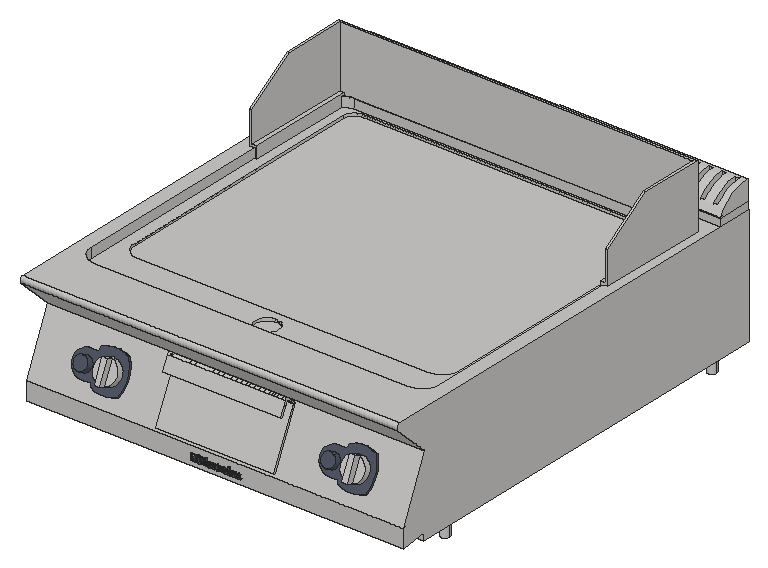
Revit family "QF_ELECTROLUXPROFESSIONAL_391403_E9IIMAAOMEA", category Specialty Equipment, Revit 2018 (continued)
Automatic sketch dimensions
  Extrusion 35 sketch curve to Extrusion 35 sketch curve = 9.296 mm
  Extrusion 35 sketch curve to plane 11 = 19.089 mm
  plane 1 "BACK" to Extrusion 36 sketch curve = 6.761 mm
  Extrusion 36 sketch curve to plane 4 "RIGHT" = 134.677 mm
  Extrusion 36 sketch curve to Extrusion 36 sketch curve = 9.296 mm
  Extrusion 36 sketch curve to plane 11 = 19.089 mm
  plane 1 "BACK" to Extrusion 37 sketch curve = 6.761 mm
  Extrusion 37 sketch curve to plane 4 "RIGHT" = 162.665 mm
  Extrusion 37 sketch curve to Extrusion 37 sketch curve = 9.296 mm
  Extrusion 37 sketch curve to plane 11 = 19.089 mm
  plane 1 "BACK" to Extrusion 38 sketch curve = 6.761 mm
  Extrusion 38 sketch curve to plane 4 "RIGHT" = 190.654 mm
  Extrusion 38 sketch curve to Extrusion 38 sketch curve = 9.296 mm
  Extrusion 38 sketch curve to plane 11 = 19.089 mm
  plane 1 "BACK" to Extrusion 39 sketch curve = 6.761 mm
  plane 7 "Center Y" to Extrusion 39 sketch curve = 69.43 mm
  Extrusion 39 sketch curve to Extrusion 39 sketch curve = 9.296 mm
  Extrusion 39 sketch curve to plane 11 = 19.089 mm
  plane 1 "BACK" to Extrusion 40 sketch curve = 6.761 mm
  plane 7 "Center Y" to Extrusion 40 sketch curve = 41.441 mm
  Extrusion 40 sketch curve to Extrusion 40 sketch curve = 9.296 mm
  Extrusion 40 sketch curve to plane 11 = 19.089 mm
  plane 1 "BACK" to Extrusion 41 sketch curve = 6.761 mm
  plane 7 "Center Y" to Extrusion 41 sketch curve = 149.263 mm
  Extrusion 41 sketch curve to Extrusion 41 sketch curve = 9.296 mm
  Extrusion 41 sketch curve to plane 11 = 19.089 mm
  plane 1 "BACK" to Extrusion 42 sketch curve = 6.761 mm
  plane 7 "Center Y" to Extrusion 42 sketch curve = 121.275 mm
  Extrusion 42 sketch curve to Extrusion 42 sketch curve = 9.296 mm
  Extrusion 42 sketch curve to plane 11 = 19.089 mm
  plane 1 "BACK" to Extrusion 43 sketch curve = 6.761 mm
  plane 7 "Center Y" to Extrusion 43 sketch curve = 93.311 mm
  Extrusion 43 sketch curve to Extrusion 43 sketch curve = 9.296 mm
  Extrusion 43 sketch curve to plane 11 = 19.089 mm
  plane 1 "BACK" to Extrusion 44 sketch curve = 6.761 mm
  plane 7 "Center Y" to Extrusion 44 sketch curve = 177.251 mm
  Extrusion 44 sketch curve to Extrusion 44 sketch curve = 9.296 mm
  Extrusion 44 sketch curve to plane 11 = 19.089 mm
  Split face 1 sketch curve to Split face 1 sketch curve = 11.575 mm
  Split face 1 sketch curve to Split face 1 sketch curve = 2 mm
  Extrusion 6 sketch curve to Extrusion 6 sketch curve = 0 mm  (x2)
  Extrusion 6 sketch curve to plane 5 "FRONT" = 16.526 mm
  Extrusion 6 sketch curve to Extrusion 6 sketch curve = 2.36 mm
  Extrusion 6 sketch curve to plane 5 "FRONT" = 33.929 mm
  Extrusion 6 sketch curve to Extrusion 6 sketch curve = 2.884 mm  (x2)
  Extrusion 6 sketch curve to Extrusion 6 sketch curve = 12.662 mm
  Extrusion 6 sketch curve to Extrusion 6 sketch curve = 1.711 mm
  Extrusion 6 sketch curve to Extrusion 6 sketch curve = 1.332 mm
  Extrusion 6 sketch curve to Extrusion 6 sketch curve = 2.245 mm
  Extrusion 6 sketch curve to Extrusion 6 sketch curve = 14.843 mm
  Extrusion 6 sketch curve to Extrusion 6 sketch curve = 3.49 mm
  plane 9 "BASE" to Extrusion 6 sketch curve = 52.346 mm
  Extrusion 6 sketch curve to Extrusion 6 sketch curve = 1.086 mm
  Extrusion 6 sketch curve to Extrusion 6 sketch curve = 13.211 mm
  Extrusion 6 sketch curve to Extrusion 6 sketch curve = 1.327 mm
  Extrusion 6 sketch curve to Extrusion 6 sketch curve = 0.787 mm
  Extrusion 5 sketch curve to Extrusion 2 = 5.523 mm
  Extrusion 5 sketch curve to Extrusion 2 = 10.564 mm
  Extrusion 5 sketch curve to Extrusion 2 = 10.583 mm
  Extrusion 5 sketch curve to Extrusion 5 sketch curve = 0 mm  (x28)
  Extrusion 5 sketch curve to Extrusion 5 sketch curve = 5.108 mm  (x2)
  Extrusion 5 sketch curve to Extrusion 2 = 10.685 mm
  Extrusion 5 sketch curve to Extrusion 5 sketch curve = 0.218 mm
  Extrusion 5 sketch curve to Extrusion 5 sketch curve = 0.195 mm
  Extrusion 5 sketch curve to Extrusion 5 sketch curve = 0.249 mm
  Extrusion 5 sketch curve to Extrusion 2 = 10.88 mm
  Extrusion 5 sketch curve to Extrusion 5 sketch curve = 0.087 mm
  Extrusion 5 sketch curve to Extrusion 5 sketch curve = 0.358 mm
  Extrusion 5 sketch curve to Extrusion 5 sketch curve = 0.481 mm
  Extrusion 5 sketch curve to Extrusion 5 sketch curve = 0.597 mm
  Extrusion 5 sketch curve to Extrusion 5 sketch curve = 0.544 mm
  Extrusion 5 sketch curve to Extrusion 5 sketch curve = 0.936 mm
  Extrusion 5 sketch curve to Extrusion 5 sketch curve = 0.594 mm
  Extrusion 5 sketch curve to Extrusion 5 sketch curve = 0.343 mm
  Extrusion 5 sketch curve to Extrusion 5 sketch curve = 0.159 mm
  Extrusion 5 sketch curve to Extrusion 5 sketch curve = 0.826 mm
  Extrusion 5 sketch curve to Extrusion 5 sketch curve = 0.839 mm
  Extrusion 5 sketch curve to Extrusion 5 sketch curve = 0.852 mm
  Extrusion 5 sketch curve to Extrusion 5 sketch curve = 0.887 mm
  Extrusion 5 sketch curve to Extrusion 5 sketch curve = 0.928 mm
  Extrusion 5 sketch curve to Extrusion 5 sketch curve = 0.938 mm
  Extrusion 5 sketch curve to Extrusion 5 sketch curve = 0.444 mm
  Extrusion 5 sketch curve to Extrusion 5 sketch curve = 1.11 mm  (x3)
  Extrusion 5 sketch curve to Extrusion 5 sketch curve = 0.215 mm
  Extrusion 5 sketch curve to Extrusion 5 sketch curve = 1.43 mm
  Extrusion 5 sketch curve to Extrusion 5 sketch curve = 1.188 mm
  Extrusion 5 sketch curve to Extrusion 5 sketch curve = 1.21 mm  (x2)
  Extrusion 5 sketch curve to Extrusion 5 sketch curve = 0.503 mm
  Extrusion 5 sketch curve to Extrusion 5 sketch curve = 0.488 mm
  Extrusion 5 sketch curve to Extrusion 5 sketch curve = 0.462 mm
  Extrusion 5 sketch curve to Extrusion 5 sketch curve = 1.386 mm
  Extrusion 5 sketch curve to Extrusion 5 sketch curve = 1.742 mm  (x2)
  Extrusion 5 sketch curve to Extrusion 5 sketch curve = 0.821 mm
  Extrusion 5 sketch curve to Extrusion 5 sketch curve = 0.497 mm
  Extrusion 5 sketch curve to Extrusion 5 sketch curve = 0.539 mm
  Extrusion 5 sketch curve to Extrusion 5 sketch curve = 0.686 mm
  Extrusion 5 sketch curve to Extrusion 5 sketch curve = 0.408 mm
  Extrusion 5 sketch curve to Extrusion 5 sketch curve = 0.743 mm
  Extrusion 5 sketch curve to Extrusion 5 sketch curve = 1.16 mm
  Extrusion 5 sketch curve to Extrusion 5 sketch curve = 0.329 mm
  Extrusion 5 sketch curve to Extrusion 5 sketch curve = 1.054 mm
  Extrusion 5 sketch curve to Extrusion 5 sketch curve = 1.056 mm
  Extrusion 5 sketch curve to Extrusion 5 sketch curve = 0.129 mm
  Extrusion 5 sketch curve to Extrusion 5 sketch curve = 0.489 mm
  Extrusion 5 sketch curve to Extrusion 5 sketch curve = 0.441 mm
  Extrusion 5 sketch curve to Extrusion 5 sketch curve = 1.151 mm
  Extrusion 5 sketch curve to Extrusion 5 sketch curve = 1.141 mm  (x2)
  Extrusion 5 sketch curve to Extrusion 5 sketch curve = 0.768 mm
  Extrusion 5 sketch curve to Extrusion 5 sketch curve = 1.653 mm
  Extrusion 5 sketch curve to Extrusion 5 sketch curve = 0.499 mm
  Extrusion 5 sketch curve to Extrusion 5 sketch curve = 0.964 mm
  Extrusion 5 sketch curve to Extrusion 5 sketch curve = 0.949 mm
  Extrusion 5 sketch curve to Extrusion 5 sketch curve = 1.345 mm  (x3)
  Extrusion 5 sketch curve to Extrusion 5 sketch curve = 1.101 mm
  Extrusion 5 sketch curve to Extrusion 5 sketch curve = 0.432 mm
  Extrusion 5 sketch curve to Extrusion 5 sketch curve = 1.142 mm
  Extrusion 5 sketch curve to Extrusion 5 sketch curve = 0.959 mm
  Extrusion 5 sketch curve to Extrusion 5 sketch curve = 0.176 mm
  Extrusion 5 sketch curve to Extrusion 5 sketch curve = 0.728 mm
  Extrusion 5 sketch curve to Extrusion 5 sketch curve = 3.375 mm  (x2)
  Extrusion 5 sketch curve to Extrusion 5 sketch curve = 1.905 mm
  Extrusion 5 sketch curve to Extrusion 5 sketch curve = 0.955 mm
  Extrusion 5 sketch curve to Extrusion 5 sketch curve = 1.251 mm
  Extrusion 5 sketch curve to Extrusion 5 sketch curve = 0.572 mm
  Extrusion 5 sketch curve to Extrusion 5 sketch curve = 1.92 mm
  Extrusion 5 sketch curve to Extrusion 5 sketch curve = 1.224 mm
  Extrusion 5 sketch curve to Extrusion 5 sketch curve = 0.745 mm
  Extrusion 5 sketch curve to Extrusion 5 sketch curve = 2.537 mm
  Extrusion 5 sketch curve to Extrusion 5 sketch curve = 0.896 mm  (x3)
  Extrusion 5 sketch curve to Extrusion 5 sketch curve = 0.036 mm
  Extrusion 5 sketch curve to Extrusion 5 sketch curve = 2.607 mm
  Extrusion 5 sketch curve to Extrusion 5 sketch curve = 0.066 mm
  Extrusion 5 sketch curve to Extrusion 5 sketch curve = 0.248 mm
  Extrusion 5 sketch curve to Extrusion 5 sketch curve = 0.449 mm
  Extrusion 5 sketch curve to Extrusion 5 sketch curve = 1.052 mm
  Extrusion 5 sketch curve to Extrusion 5 sketch curve = 1.863 mm
  Extrusion 5 sketch curve to Extrusion 5 sketch curve = 1.31 mm  (x2)
  Extrusion 5 sketch curve to Extrusion 5 sketch curve = 0.901 mm
  Extrusion 5 sketch curve to Extrusion 5 sketch curve = 1.107 mm
  Extrusion 5 sketch curve to Extrusion 5 sketch curve = 2.122 mm
  Extrusion 5 sketch curve to Extrusion 5 sketch curve = 2.101 mm
  Extrusion 5 sketch curve to Extrusion 5 sketch curve = 0.106 mm
  Extrusion 5 sketch curve to Extrusion 5 sketch curve = 0.029 mm
  Extrusion 5 sketch curve to Extrusion 5 sketch curve = 2.09 mm
  Extrusion 5 sketch curve to Extrusion 5 sketch curve = 1.279 mm
  Extrusion 5 sketch curve to Extrusion 5 sketch curve = 2.008 mm
  Extrusion 5 sketch curve to Extrusion 5 sketch curve = 0.738 mm
  Extrusion 5 sketch curve to Extrusion 5 sketch curve = 0.382 mm
  Extrusion 5 sketch curve to Extrusion 5 sketch curve = 0.384 mm
  Extrusion 5 sketch curve to Extrusion 5 sketch curve = 0.002 mm
  Extrusion 5 sketch curve to Extrusion 5 sketch curve = 0.561 mm
  Extrusion 5 sketch curve to Extrusion 5 sketch curve = 0.592 mm
  Extrusion 5 sketch curve to Extrusion 5 sketch curve = 2.692 mm
  Extrusion 5 sketch curve to Extrusion 5 sketch curve = 1.259 mm
  Extrusion 5 sketch curve to Extrusion 5 sketch curve = 0.802 mm
  Extrusion 5 sketch curve to Extrusion 5 sketch curve = 1.024 mm  (x2)
  Extrusion 5 sketch curve to Extrusion 5 sketch curve = 0.682 mm
  Extrusion 5 sketch curve to Extrusion 5 sketch curve = 5.934 mm
  Extrusion 5 sketch curve to Extrusion 5 sketch curve = 2.186 mm
  Extrusion 5 sketch curve to Extrusion 5 sketch curve = 0.337 mm
  Extrusion 5 sketch curve to Extrusion 5 sketch curve = 0.021 mm
  Extrusion 5 sketch curve to Extrusion 5 sketch curve = 1.005 mm
  Extrusion 5 sketch curve to Extrusion 5 sketch curve = 0.552 mm
  Extrusion 5 sketch curve to Extrusion 5 sketch curve = 0.778 mm
  Extrusion 5 sketch curve to Extrusion 5 sketch curve = 0.063 mm
  Extrusion 5 sketch curve to Extrusion 5 sketch curve = 1.023 mm
  Extrusion 5 sketch curve to Extrusion 5 sketch curve = 3.804 mm
  Extrusion 5 sketch curve to Extrusion 5 sketch curve = 0.486 mm
  Extrusion 5 sketch curve to Extrusion 5 sketch curve = 0.266 mm
  Extrusion 5 sketch curve to Extrusion 5 sketch curve = 1.547 mm
  Extrusion 5 sketch curve to Extrusion 5 sketch curve = 0.717 mm  (x2)
  Extrusion 5 sketch curve to Extrusion 5 sketch curve = 1.667 mm
  Extrusion 5 sketch curve to Extrusion 5 sketch curve = 3.174 mm
  Extrusion 5 sketch curve to Extrusion 5 sketch curve = 0.388 mm
  Extrusion 5 sketch curve to Extrusion 5 sketch curve = 1.342 mm
  Extrusion 5 sketch curve to Extrusion 5 sketch curve = 1.521 mm
  Extrusion 5 sketch curve to Extrusion 5 sketch curve = 0.124 mm
  Extrusion 5 sketch curve to Extrusion 5 sketch curve = 0.291 mm
  Extrusion 5 sketch curve to Extrusion 5 sketch curve = 1.049 mm  (x2)
  Extrusion 5 sketch curve to Extrusion 5 sketch curve = 1.7 mm
  Extrusion 5 sketch curve to Extrusion 5 sketch curve = 0.894 mm
  Extrusion 5 sketch curve to Extrusion 5 sketch curve = 0.989 mm
  Extrusion 5 sketch curve to Extrusion 5 sketch curve = 1.168 mm
  Extrusion 5 sketch curve to Extrusion 5 sketch curve = 1.594 mm
  Extrusion 5 sketch curve to Extrusion 5 sketch curve = 0.731 mm
  Extrusion 5 sketch curve to Extrusion 5 sketch curve = 1.566 mm
  Extrusion 5 sketch curve to Extrusion 5 sketch curve = 0.064 mm
  Extrusion 5 sketch curve to Extrusion 5 sketch curve = 0.556 mm  (x2)
  Extrusion 5 sketch curve to Extrusion 5 sketch curve = 0.48 mm
  Extrusion 5 sketch curve to Extrusion 5 sketch curve = 1.018 mm
  Extrusion 5 sketch curve to Extrusion 5 sketch curve = 0.787 mm
  Extrusion 5 sketch curve to Extrusion 5 sketch curve = 0.618 mm
  Extrusion 5 sketch curve to Extrusion 5 sketch curve = 1.672 mm
  Extrusion 5 sketch curve to Extrusion 5 sketch curve = 1.361 mm
  Extrusion 5 sketch curve to Extrusion 5 sketch curve = 0.822 mm
  Extrusion 5 sketch curve to Extrusion 5 sketch curve = 0.069 mm
  Extrusion 5 sketch curve to Extrusion 5 sketch curve = 1.88 mm
  Extrusion 5 sketch curve to Extrusion 5 sketch curve = 0.42 mm
  Extrusion 5 sketch curve to Extrusion 5 sketch curve = 0.062 mm
  Extrusion 5 sketch curve to Extrusion 5 sketch curve = 1.355 mm
  Extrusion 5 sketch curve to Extrusion 5 sketch curve = 2.34 mm
  Extrusion 5 sketch curve to Extrusion 5 sketch curve = 0.493 mm
  Extrusion 5 sketch curve to Extrusion 5 sketch curve = 0.136 mm
  Extrusion 5 sketch curve to Extrusion 5 sketch curve = 0.128 mm
  Extrusion 5 sketch curve to Extrusion 5 sketch curve = 3.616 mm
  Extrusion 5 sketch curve to Extrusion 5 sketch curve = 4.207 mm
  Extrusion 5 sketch curve to Extrusion 5 sketch curve = 0.183 mm
  Extrusion 5 sketch curve to Extrusion 5 sketch curve = 0.895 mm
  Extrusion 5 sketch curve to Extrusion 5 sketch curve = 1.314 mm
  Extrusion 5 sketch curve to Extrusion 5 sketch curve = 3.231 mm
  Extrusion 5 sketch curve to Extrusion 5 sketch curve = 1.299 mm
  Extrusion 5 sketch curve to Extrusion 5 sketch curve = 1.214 mm
  Extrusion 5 sketch curve to Extrusion 5 sketch curve = 1.264 mm
  Extrusion 5 sketch curve to Extrusion 5 sketch curve = 0.109 mm
  Extrusion 5 sketch curve to Extrusion 5 sketch curve = 0.357 mm
  Extrusion 5 sketch curve to Extrusion 5 sketch curve = 0.565 mm
  Extrusion 5 sketch curve to Extrusion 5 sketch curve = 2.504 mm
  Extrusion 5 sketch curve to Extrusion 5 sketch curve = 2.459 mm
  Extrusion 2 to Extrusion 5 sketch curve = 344.257 mm
  Extrusion 5 sketch curve to Extrusion 5 sketch curve = 0.208 mm
  Extrusion 5 sketch curve to Extrusion 5 sketch curve = 0.468 mm  (x2)
  Extrusion 5 sketch curve to Extrusion 5 sketch curve = 1.559 mm
  Extrusion 5 sketch curve to Extrusion 5 sketch curve = 0.422 mm  (x2)
  Extrusion 5 sketch curve to Extrusion 5 sketch curve = 0.494 mm
  Extrusion 5 sketch curve to Extrusion 5 sketch curve = 3.927 mm
  Extrusion 5 sketch curve to Extrusion 5 sketch curve = 0.782 mm
  Extrusion 5 sketch curve to Extrusion 5 sketch curve = 1.268 mm
  Extrusion 5 sketch curve to Extrusion 5 sketch curve = 0.671 mm
  Extrusion 5 sketch curve to Extrusion 5 sketch curve = 0.777 mm
  Extrusion 5 sketch curve to Extrusion 5 sketch curve = 0.704 mm
  Extrusion 5 sketch curve to Extrusion 5 sketch curve = 0.781 mm  (x2)
  Extrusion 5 sketch curve to Extrusion 5 sketch curve = 1.634 mm
  Extrusion 5 sketch curve to Extrusion 5 sketch curve = 0.132 mm
  Extrusion 5 sketch curve to Extrusion 5 sketch curve = 3.136 mm
  Extrusion 5 sketch curve to Extrusion 5 sketch curve = 2.422 mm
  Extrusion 5 sketch curve to Extrusion 5 sketch curve = 0.586 mm
  Extrusion 5 sketch curve to Extrusion 5 sketch curve = 2.046 mm  (x2)
  Extrusion 5 sketch curve to Extrusion 5 sketch curve = 1.241 mm
  Extrusion 5 sketch curve to Extrusion 5 sketch curve = 1.689 mm
  Extrusion 5 sketch curve to Extrusion 5 sketch curve = 2.859 mm
  Extrusion 5 sketch curve to Extrusion 5 sketch curve = 0.627 mm
  Extrusion 5 sketch curve to Extrusion 5 sketch curve = 0.863 mm
  Extrusion 5 sketch curve to Extrusion 5 sketch curve = 0.419 mm
  Extrusion 5 sketch curve to Extrusion 5 sketch curve = 1.514 mm
  Extrusion 5 sketch curve to Extrusion 5 sketch curve = 1.019 mm
  Extrusion 5 sketch curve to Extrusion 5 sketch curve = 0.065 mm
  Extrusion 5 sketch curve to Extrusion 5 sketch curve = 1.215 mm
  Extrusion 5 sketch curve to Extrusion 5 sketch curve = 2.708 mm
  Extrusion 5 sketch curve to Extrusion 5 sketch curve = 1.122 mm
  Extrusion 5 sketch curve to Extrusion 5 sketch curve = 1.153 mm
  Extrusion 5 sketch curve to Extrusion 5 sketch curve = 3.009 mm
  Extrusion 5 sketch curve to Extrusion 5 sketch curve = 0.829 mm  (x2)
  Extrusion 5 sketch curve to Extrusion 5 sketch curve = 0.934 mm
  Extrusion 5 sketch curve to Extrusion 5 sketch curve = 3.376 mm
  Extrusion 5 sketch curve to Extrusion 5 sketch curve = 0.222 mm
  Extrusion 5 sketch curve to Extrusion 5 sketch curve = 1.383 mm
  Extrusion 5 sketch curve to Extrusion 5 sketch curve = 1.556 mm
  Extrusion 5 sketch curve to Extrusion 5 sketch curve = 2.559 mm
  Extrusion 5 sketch curve to Extrusion 5 sketch curve = 2.51 mm
  Extrusion 5 sketch curve to Extrusion 5 sketch curve = 0.131 mm
  Extrusion 5 sketch curve to Extrusion 5 sketch curve = 1.717 mm
  Extrusion 5 sketch curve to Extrusion 5 sketch curve = 1.134 mm
  Extrusion 5 sketch curve to Extrusion 5 sketch curve = 0.366 mm
  Extrusion 5 sketch curve to Extrusion 5 sketch curve = 0.094 mm
  Extrusion 5 sketch curve to Extrusion 5 sketch curve = 1.584 mm
  Extrusion 5 sketch curve to Extrusion 5 sketch curve = 1.501 mm
  Extrusion 5 sketch curve to Extrusion 5 sketch curve = 0.27 mm
  Extrusion 5 sketch curve to Extrusion 5 sketch curve = 1.808 mm
  Extrusion 5 sketch curve to Extrusion 5 sketch curve = 0.643 mm
  Extrusion 5 sketch curve to Extrusion 5 sketch curve = 0.916 mm
  Extrusion 5 sketch curve to Extrusion 5 sketch curve = 0.352 mm
  Extrusion 5 sketch curve to Extrusion 5 sketch curve = 0.458 mm
  Extrusion 5 sketch curve to Extrusion 5 sketch curve = 1.282 mm
  Extrusion 5 sketch curve to Extrusion 5 sketch curve = 1.363 mm
  Extrusion 5 sketch curve to Extrusion 5 sketch curve = 0.685 mm
  Extrusion 5 sketch curve to Extrusion 5 sketch curve = 0.905 mm
  Extrusion 5 sketch curve to Extrusion 5 sketch curve = 2.865 mm
  Extrusion 5 sketch curve to Extrusion 5 sketch curve = 0.472 mm
  Extrusion 5 sketch curve to Extrusion 5 sketch curve = 0.101 mm
  Extrusion 5 sketch curve to Extrusion 5 sketch curve = 0.54 mm
  Extrusion 5 sketch curve to Extrusion 5 sketch curve = 0.02 mm
  Extrusion 5 sketch curve to Extrusion 5 sketch curve = 0.582 mm
  Extrusion 5 sketch curve to Extrusion 5 sketch curve = 0.166 mm
  Extrusion 5 sketch curve to Extrusion 5 sketch curve = 0.16 mm
  Extrusion 5 sketch curve to Extrusion 5 sketch curve = 2.781 mm
  Extrusion 5 sketch curve to Extrusion 5 sketch curve = 1.118 mm
  Extrusion 5 sketch curve to Extrusion 5 sketch curve = 0.613 mm
  Extrusion 5 sketch curve to Extrusion 5 sketch curve = 0.361 mm
  Extrusion 5 sketch curve to Extrusion 5 sketch curve = 0.897 mm
  Extrusion 5 sketch curve to Extrusion 5 sketch curve = 0.167 mm
  Extrusion 5 sketch curve to Extrusion 5 sketch curve = 0.292 mm
  Extrusion 5 sketch curve to Extrusion 5 sketch curve = 0.305 mm
  Extrusion 5 sketch curve to Extrusion 5 sketch curve = 1.557 mm
  Extrusion 5 sketch curve to Extrusion 5 sketch curve = 2.499 mm
  Extrusion 5 sketch curve to Extrusion 5 sketch curve = 3.062 mm
  Extrusion 5 sketch curve to Extrusion 5 sketch curve = 2.968 mm
  Extrusion 5 sketch curve to Extrusion 5 sketch curve = 5.044 mm
  Extrusion 5 sketch curve to Extrusion 5 sketch curve = 0.629 mm  (x2)
  Extrusion 5 sketch curve to Extrusion 5 sketch curve = 1.131 mm
  Extrusion 5 sketch curve to Extrusion 5 sketch curve = 0.137 mm
  Extrusion 5 sketch curve to Extrusion 5 sketch curve = 0.027 mm
  Extrusion 5 sketch curve to Extrusion 5 sketch curve = 2.235 mm
  Extrusion 6 sketch curve to Extrusion 6 sketch curve = 1 mm
  Extrusion 26 sketch curve to plane 6 "TOP" = 0 mm
  Extrusion 26 sketch curve to plane 16 = 0 mm
  Extrusion 26 sketch curve to plane 16 = 100.091 mm
  Extrusion 27 sketch curve to plane 6 "TOP" = 0 mm
  Extrusion 27 sketch curve to plane 16 = 0 mm
  Extrusion 27 sketch curve to plane 6 "TOP" = 65 mm
  Extrusion 27 sketch curve to plane 16 = 100.091 mm
  Extrusion 28 sketch curve to plane 6 "TOP" = 0 mm
  Extrusion 28 sketch curve to plane 14 = 0 mm
  Extrusion 28 sketch curve to plane 4 "RIGHT" = 20 mm
  plane 3 "LEFT" to Extrusion 28 sketch curve = 20 mm
  Extrusion 49 sketch curve to Extrusion 2 = 0 mm  (x2)
  Extrusion 2 to Extrusion 49 sketch curve = 5 mm  (x2)
  Extrusion 2 to Extrusion 49 sketch curve = 20 mm  (x2)
  Extrusion 49 sketch curve to Extrusion 49 sketch curve = 130 mm  (x2)
  Extrusion 49 sketch curve to Extrusion 2 = 19.6 mm  (x2)
  Extrusion 49 sketch curve to Extrusion 49 sketch curve = 5 mm  (x5)
  Extrusion 49 sketch curve to Extrusion 49 sketch curve = 15 mm
  Extrusion 45 sketch curve to Extrusion 45 sketch curve = 0 mm  (x10)
  Extrusion 45 sketch curve to plane 4 "RIGHT" = 157.362 mm
  plane 3 "LEFT" to Extrusion 45 sketch curve = 117.638 mm
  Extrusion 45 sketch curve to Extrusion 45 sketch curve = 55.325 mm  (x3)
  Extrusion 45 sketch curve to Extrusion 45 sketch curve = 6.176 mm  (x2)
  Extrusion 45 sketch curve to Extrusion 45 sketch curve = 0.9 mm  (x2)
  Extrusion 45 sketch curve to Extrusion 45 sketch curve = 12.3 mm  (x4)
  Extrusion 45 sketch curve to Extrusion 45 sketch curve = 26.552 mm  (x2)
  Extrusion 45 sketch curve to Extrusion 45 sketch curve = 34.925 mm  (x2)
  Extrusion 45 sketch curve to Extrusion 45 sketch curve = 1.296 mm  (x2)
  Extrusion 45 sketch curve to Extrusion 45 sketch curve = 23.703 mm  (x2)
  Extrusion 45 sketch curve to Extrusion 45 sketch curve = 27.065 mm  (x2)
  Extrusion 45 sketch curve to Extrusion 45 sketch curve = 0.893 mm  (x2)
  Extrusion 45 sketch curve to Extrusion 45 sketch curve = 8.853 mm  (x2)
  Extrusion 45 sketch curve to Extrusion 45 sketch curve = 9.34 mm  (x2)
  Extrusion 45 sketch curve to Extrusion 45 sketch curve = 5.546 mm
  Extrusion 45 sketch curve to Extrusion 45 sketch curve = 1.434 mm
  Extrusion 45 sketch curve to Extrusion 45 sketch curve = 2.327 mm
  Extrusion 45 sketch curve to Extrusion 45 sketch curve = 29.032 mm
  Extrusion 45 sketch curve to Extrusion 45 sketch curve = 93.311 mm
  Extrusion 45 sketch curve to Extrusion 45 sketch curve = 25.114 mm
  Extrusion 45 sketch curve to Extrusion 45 sketch curve = 25.727 mm
  Extrusion 45 sketch curve to Extrusion 45 sketch curve = 28.496 mm
  Extrusion 48 sketch curve to Extrusion 48 sketch curve = 0 mm
  Extrusion 48 sketch curve to Extrusion 48 sketch curve = 525 mm
  Extrusion 46 sketch curve to Extrusion 46 sketch curve = 0 mm
  Extrusion 46 sketch curve to Extrusion 46 sketch curve = 525 mm
  Extrusion 47 sketch curve to Extrusion 47 sketch curve = 24.732 mm  (x2)
  Extrusion 47 sketch curve to Extrusion 47 sketch curve = 0 mm  (x2)
  Split face 2 sketch curve to Split face 2 sketch curve = 11.575 mm
  Split face 2 sketch curve to Split face 2 sketch curve = 2 mm
  plane 10 to Extrusion 4 sketch curve = 0 mm  (x2)
  plane 11 to Extrusion 4 sketch curve = 0 mm
  plane 3 "LEFT" to Extrusion 4 sketch curve = 11.112 mm  (x2)
  Extrusion 4 sketch curve to plane 4 "RIGHT" = 11.113 mm  (x2)
  Extrusion 29 sketch curve to Extrusion 29 sketch curve = 15 mm
  Extrusion 25 sketch curve to Extrusion 3 = 5.362 mm
  Extrusion 25 sketch curve to Extrusion 3 = 30.762 mm  (x2)
  Extrusion 25 sketch curve to Extrusion 3 = 25 mm  (x2)
  Extrusion 25 sketch curve to Extrusion 3 = 122.523 mm  (x2)
  Extrusion 25 sketch curve to Extrusion 25 sketch curve = 37.523 mm
  Extrusion 25 sketch curve to Extrusion 3 = 43.885 mm
  Extrusion 25 sketch curve to Extrusion 25 sketch curve = 307.477 mm
  curve 149 to curve 150 = 0 mm  (x2)
  curve 150 to plane 7 "Center Y" = 0 mm
  curve 149 to plane 10 = 40 mm
  curve 150 to plane 10 = 15 mm
  radius of Extrusion 8 sketch curve = 6.4 mm
  radius of Extrusion 48 sketch curve = 15 mm  (x2)
  radius of Extrusion 46 sketch curve = 25.4 mm  (x2)
  radius of Extrusion 47 sketch curve to Extrusion 46 = 0 mm  (x4)
  radius of Extrusion 4 sketch curve = 9.525 mm  (x4)
  radius of Extrusion 25 sketch curve = 25 mm
Connectors
  piping at (748, -664, 6), diameter 12.8
    settings: on Extrusion 8, index 2, connector inside diameter 0.50394", connector length 0 mm, flow factor 0, pipe flow 0 GPM, pressure drop 0.00 psi, fitting loss kfactor 0, connector angle 0.00°, fixture units 0, engagement length 0 mm, angle of deflection 0.00°, flow configuration 1, flow direction 1, fitting loss method 0, system type 7, joint type 0, gender type 0, connector reference index -1, connector utility 0, adjustable connector no, is connector primary yes, connector description "GAS CONNECTION"
